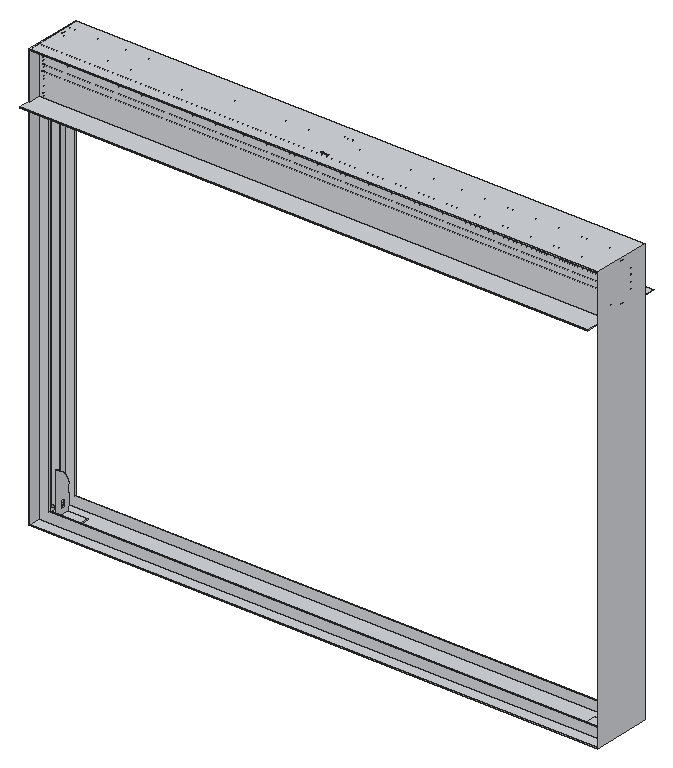
Revit family "FDD-B", category Mechanical Equipment, Revit 2015
Parameters
  URL = "http://unitedenertech.com/catalog/pdf/A-11%20%20FDD-B.pdf"
  Type Comments = "Max. Sizes are (Vertical 72\"w x 32\"h) (Horizontal 36\"w x 32\"h)"
  Model = "FDD-B"
  Manufacturer = "United Enertech Corporation"
  Keynote = "Vertical Mount Shown, Consult Factory for Horizontal Mount Models."
  Exact Width = 3' - 0"
  EFL Height [instance] = Blade Pair Number * 0' 0 13/32" + 0' 0 41/64"  # 0' - 3 31/64"
  Description = "Curtain Fire Damper for use in Dynamic or Static Systems"
  Depth = 0' - 3 11/16"
  Damper Height = 2' - 0"
  Blade Width [instance] = Exact Width - 0' 0 1/8"  # 2' - 11 7/8"
  Blade Pair Number [instance] = (Damper Height + (if(Damper Height < 1' 8 1/4", 0' 2", if(Damper Height < 2' 8 1/4", 0' 3", if(Damper Height < 3' 6 1/4", 0' 4", if(Damper Height < 4' 7 1/4", 0' 5", if(Damper Height < 5' 4 1/4", 0' 3", if(Damper Height < 7' 0 1/4", 0' 4", if(Damper Height < 9' 7 1/4", 0' 5", 0' 5"))))))))) / 0' 3 7/8"  # 7
  "B" [instance] = if(Damper Height < 1' 9 1/4", 0' 2", if(Damper Height < 2' 8 1/4", 0' 3", 0' 3"))  # 0' - 3"
Reference planes (in)
  plane 1 "Center (Front/Back)": y = 0
  plane 2: z = 0
  plane 3 "Center (Left/Right)": x = 0
  plane 4: x = -18
  plane 5: x = 18
  plane 6: y = 1.84375
  plane 7: y = -1.84375
  plane 8: z = 24
  plane 9: z = 27
  plane 10: y = 1.09375
  plane 11: y = -1.09375
  plane 12: y = 0.96875
  plane 13: y = -0.96875
  plane 14: z = 0.0359
  plane 15: z = 26.9641
  plane 16: x = -17.9641
  plane 17: x = 17.9641
  plane 18: x = -17.375
  plane 19: x = 17.375
  plane 20: z = 26.375
  plane 21: z = 0.625
  plane 22: z = 23.47973
  plane 23: x = 0.25
  plane 24: x = -0.25
  plane 25: z = 23.60473
  plane 26: y = 2.59375
  plane 27: y = -2.59375
Forms (in)
  Extrusion 1, solid
    sketch origin (0, 0, 0) x (1, 0, 0) y (0, 0, 1)
      loop
        line (-17.9641, 26.9641) -> (-17.9641, 0.0359) -> (17.9641, 0.0359) -> (17.9641, 26.9641) -> (-17.9641, 26.9641)
      loop
        line (-18, 27) -> (-18, 0) -> (18, 0) -> (18, 27) -> (-18, 27)
    from -1.84375 to 1.84375
  Extrusion 2, solid
    sketch origin (0, 0, 0) x (1, 0, 0) y (0, 0, 1)
      loop
        line (-17.375, 26.375) -> (-17.375, 0.625) -> (17.375, 0.625) -> (17.375, 26.375) -> (-17.375, 26.375)
      loop
        line (-17.9641, 26.9641) -> (-17.9641, 0.0359) -> (17.9641, 0.0359) -> (17.9641, 26.9641) -> (-17.9641, 26.9641)
    from -1.09375 to -0.96875
  Extrusion 3, solid
    sketch origin (0, 0, 0) x (1, 0, 0) y (0, 0, 1)
      loop
        line (-17.375, 26.375) -> (-17.375, 0.625) -> (17.375, 0.625) -> (17.375, 26.375) -> (-17.375, 26.375)
      loop
        line (-17.9641, 26.9641) -> (-17.9641, 0.0359) -> (17.9641, 0.0359) -> (17.9641, 26.9641) -> (-17.9641, 26.9641)
    from 0.96875 to 1.09375
  Extrusion 4, solid
    sketch origin (0, 0, 0) x (0, 1, 0) y (0, 0, 1)
      loop
        line (0.96875, 27) -> (0.93285, 27) -> (0.93285, 23.47973) -> (1.38285, 23.47973) -> (1.38285, 23.76098) -> (1.34695, 23.76098) -> (1.34695, 23.51563) -> (0.96875, 23.51563) -> (0.96875, 27)
    from -0.25 to 0.25
  Extrusion 5, solid
    sketch origin (0, 0, 0) x (0, -1, 0) y (0, 0, -1)
      loop
        line (0.96875, -27) -> (0.96875, -23.51563) -> (1.34695, -23.51563) -> (1.34695, -23.76098) -> (1.38285, -23.76098) -> (1.38285, -23.47973) -> (0.93285, -23.47973) -> (0.93285, -27) -> (0.96875, -27)
    from -0.25 to 0.25
  Extrusion 6, solid
    sketch origin (0, 0, 0) x (0, 1, 0) y (0, 0, 1)
      loop
        line (1.09375, 26.9641) -> (1.09375, 24) -> (2.59375, 24) -> (2.59375, 24.0359) -> (1.12965, 24.0359) -> (1.12965, 26.9641) -> (1.09375, 26.9641)
    from -17.9641 to 17.9641
  Extrusion 7, solid
    sketch origin (0, 0, 0) x (0, -1, 0) y (0, 0, -1)
      loop
        line (1.09375, -26.9641) -> (1.12965, -26.9641) -> (1.12965, -24.0359) -> (2.59375, -24.0359) -> (2.59375, -24) -> (1.09375, -24) -> (1.09375, -26.9641)
    from -17.9641 to 17.9641
  Extrusion 8, solid
    sketch origin (0, 0, 0) x (0, 1, 0) y (0, 0, 1)
      loop
        line (-0.18817, 0.46965) -> (-0.15227, 0.46965) -> (-0.15227, 23.60473) -> (-0.18817, 23.60473) -> (-0.18817, 0.46965)
    from 17.375 to 17.9641
  Extrusion 9, solid
    sketch origin (0, 0, 0) x (0, 1, 0) y (0, 0, 1)
      loop
        line (-0.18817, 0.46965) -> (-0.15227, 0.46965) -> (-0.15227, 23.60473) -> (-0.18817, 23.60473) -> (-0.18817, 0.46965)
    from -17.9641 to -17.375
  Extrusion 10, solid
    sketch origin (0, 0, 0) x (0, 1, 0) y (0, 0, 1)
      loop
        line (-0.18817, 23.60473) -> (-0.15227, 23.60473)
        arc (-0.15227, 23.60473) -> (-0.09849, 23.92053) -> (0.06331, 24.19703) r 0.89282
        line (0.06331, 24.19703) -> (0.0378, 24.22253)
        arc (0.0378, 24.22253) -> (-0.13046, 23.93385) -> (-0.18817, 23.60473) r 0.94852
    from 17.375 to 17.9641
  Extrusion 11, solid
    sketch origin (0, 0, 0) x (0, 1, 0) y (0, 0, 1)
      loop
        line (-0.18817, 23.60473) -> (-0.15227, 23.60473)
        arc (-0.15227, 23.60473) -> (-0.09849, 23.92053) -> (0.06331, 24.19703) r 0.89282
        line (0.06331, 24.19703) -> (0.0378, 24.22253)
        arc (0.0378, 24.22253) -> (-0.13046, 23.93385) -> (-0.18817, 23.60473) r 0.94852
    from -17.9641 to -17.375
Dimensions and locks (in)
  equal spacing: plane 4, plane 3 "Center (Left/Right)", plane 5
  "Exact Width": plane 4 to plane 5
  equal spacing: plane 6, plane 1 "Center (Front/Back)", plane 7
  "Depth": plane 6 to plane 7
  "Damper Height": plane 8 to level
  ""B"": plane 9 to plane 8
  plane 11 to plane 10 = 0' - 2 3/16"
  locked: plane 11 to plane 13 at 0.125
  locked: plane 12 to plane 10 at 0.125
  plane 9 to level = 2' - 3"
  locked: plane 4 to plane 16 at 0.0359
  locked: plane 17 to plane 5 at 0.0359
  locked: plane 9 to plane 15 at 0.0359
  locked: plane 14 to level at 0.0359
  locked: plane 4 to plane 18 at 0.625
  locked: plane 5 to plane 19 at 0.625
  locked: plane 9 to plane 20 at 0.625
  locked: plane 21 to level at 0.625
  equal spacing: group 1, group 2, group 3, group 4, group 5, group 6, group 7  (x2)
  equal spacing: group 7, group 6, group 5, group 4, group 3, group 2, group 1
  locked: nested 1 to nested 2 at 0.40625
  "EFL Height": plane 15 to plane 22
  locked: plane 22 to plane 25 at 0.125
  locked: plane 26 to plane 6 at 0.75
  locked: plane 7 to plane 27 at 0.75
  aligned and locked: level to plane 2
  aligned and locked: level to Extrusion 1 sketch curve
  aligned and locked: Extrusion 1 sketch curve to plane 4
  aligned and locked: Extrusion 1 sketch curve to plane 9
  aligned and locked: Extrusion 1 sketch curve to plane 5
  aligned and locked: plane 14 to Extrusion 1 sketch curve
  aligned and locked: Extrusion 1 sketch curve to plane 15
  aligned and locked: plane 17 to Extrusion 1 sketch curve
  aligned and locked: plane 16 to Extrusion 1 sketch curve
  aligned and locked: plane 6 to Extrusion 1
  aligned and locked: Extrusion 1 to plane 7
  aligned and locked: plane 14 to Extrusion 2 sketch curve
  aligned and locked: plane 16 to Extrusion 2 sketch curve
  aligned and locked: plane 17 to Extrusion 2 sketch curve
  aligned and locked: Extrusion 2 sketch curve to plane 15
  aligned and locked: Extrusion 2 sketch curve to plane 20
  aligned and locked: Extrusion 2 sketch curve to plane 19
  aligned and locked: Extrusion 2 sketch curve to plane 18
  aligned and locked: plane 21 to Extrusion 2 sketch curve
  aligned and locked: Extrusion 2 to plane 10
  aligned and locked: plane 12 to Extrusion 2
  aligned and locked: Extrusion 3 to plane 13
  aligned and locked: plane 11 to Extrusion 3
  aligned and locked: plane 3 "Center (Left/Right)" to nested 1
  aligned and locked: plane 15 to nested 1
  aligned and locked: Extrusion 4 to plane 24
  aligned and locked: Extrusion 4 to plane 23
  aligned and locked: plane 25 to nested 5
  aligned and locked: Extrusion 6 to plane 17
  aligned and locked: Extrusion 7 to plane 17
  aligned and locked: Extrusion 7 to plane 16
  aligned and locked: Extrusion 6 to plane 16
  aligned and locked: nested 6 to plane 16
  aligned and locked: plane 17 to nested 7
  aligned and locked: Extrusion 9 to plane 16
  aligned and locked: Extrusion 9 to plane 18
  aligned and locked: Extrusion 8 to plane 17
  aligned and locked: Extrusion 8 to plane 19
  aligned and locked: plane 25 to Extrusion 10 sketch curve
  aligned and locked: Extrusion 11 to plane 16
  aligned and locked: Extrusion 11 to plane 18
  aligned and locked: Extrusion 10 to plane 17
  aligned and locked: Extrusion 10 to plane 19
Automatic sketch dimensions
  Extrusion 3 sketch curve to plane 14 = 0' - 0"
  Extrusion 3 sketch curve to plane 16 = 0' - 0"
  plane 18 to Extrusion 3 sketch curve = 0' - 0"
  Extrusion 3 sketch curve to plane 19 = 0' - 0"
  plane 17 to Extrusion 3 sketch curve = 0' - 0"
  Extrusion 3 sketch curve to plane 21 = 0' - 0"
  Extrusion 3 sketch curve to plane 20 = 0' - 0"
  Extrusion 3 sketch curve to plane 15 = 0' - 0"
  Extrusion 4 sketch curve to plane 9 = 0' - 0"
  Extrusion 4 sketch curve to plane 22 = 0' - 0"
  Extrusion 4 sketch curve to plane 12 = 0' - 0"
  plane 12 to Extrusion 4 sketch curve = 0' - 0.0359"
  Extrusion 4 sketch curve to plane 10 = 0' - 0.2532"
  Extrusion 4 sketch curve to Extrusion 4 sketch curve = 0' - 0.0359"
  plane 22 to Extrusion 4 sketch curve = 0' - 0.0359"
  Extrusion 4 sketch curve to plane 25 = 0' - 0 5/32"
  Extrusion 5 sketch curve to plane 9 = 0' - 0"
  Extrusion 5 sketch curve to plane 22 = 0' - 0"
  Extrusion 5 sketch curve to plane 13 = 0' - 0"
  plane 13 to Extrusion 5 sketch curve = 0' - 0.0359"
  Extrusion 5 sketch curve to plane 11 = 0' - 0.2532"
  Extrusion 5 sketch curve to Extrusion 5 sketch curve = 0' - 0.0359"
  Extrusion 5 sketch curve to plane 22 = 0' - 0.0359"
  plane 25 to Extrusion 5 sketch curve = 0' - 0 5/32"
  Extrusion 6 sketch curve to plane 8 = 0' - 0"
  Extrusion 6 sketch curve to plane 10 = 0' - 0"
  Extrusion 6 sketch curve to plane 15 = 0' - 0"
  Extrusion 6 sketch curve to plane 26 = 0' - 0"
  Extrusion 6 sketch curve to Extrusion 6 sketch curve = 0' - 0.0359"
  plane 8 to Extrusion 6 sketch curve = 0' - 0.0359"
  Extrusion 7 sketch curve to plane 8 = 0' - 0"
  Extrusion 7 sketch curve to plane 11 = 0' - 0"
  Extrusion 7 sketch curve to plane 15 = 0' - 0"
  Extrusion 7 sketch curve to plane 27 = 0' - 0"
  Extrusion 7 sketch curve to Extrusion 7 sketch curve = 0' - 0.0359"  (x2)
  plane 25 to Extrusion 8 sketch curve = 0' - 0"
  plane 1 "Center (Front/Back)" to Extrusion 8 sketch curve = 0' - 0.18817"
  Extrusion 8 sketch curve to Extrusion 8 sketch curve = 0' - 0.0359"
  Extrusion 8 sketch curve to plane 21 = 0' - 0.15535"
  plane 25 to Extrusion 9 sketch curve = 0' - 0"
  plane 1 "Center (Front/Back)" to Extrusion 9 sketch curve = 0' - 0.18817"
  Extrusion 9 sketch curve to Extrusion 9 sketch curve = 0' - 0.0359"
  Extrusion 9 sketch curve to plane 21 = 0' - 0.15535"
  plane 1 "Center (Front/Back)" to Extrusion 10 sketch curve = 0' - 0.18817"
  Extrusion 10 sketch curve to Extrusion 10 sketch curve = 0' - 0.0359"
  Extrusion 10 sketch curve to plane 1 "Center (Front/Back)" = 0' - 0.0378"
  Extrusion 10 sketch curve to Extrusion 10 sketch curve = 0' - 0.0255"
  Extrusion 10 sketch curve to plane 25 = 0' - 0.01045"
  plane 12 to Extrusion 10 sketch curve = 0' - 0.22826"
  Extrusion 10 sketch curve to plane 25 = 0' - 0.00329"
  Extrusion 10 sketch curve to Extrusion 10 sketch curve = 0' - 0.01985"
  plane 25 to Extrusion 11 sketch curve = 0' - 0"
  plane 1 "Center (Front/Back)" to Extrusion 11 sketch curve = 0' - 0.18817"
  Extrusion 11 sketch curve to Extrusion 11 sketch curve = 0' - 0.0359"
  Extrusion 11 sketch curve to plane 1 "Center (Front/Back)" = 0' - 0.0378"
  Extrusion 11 sketch curve to Extrusion 11 sketch curve = 0' - 0.0255"
  Extrusion 11 sketch curve to plane 25 = 0' - 0.01045"
  plane 12 to Extrusion 11 sketch curve = 0' - 0.22826"
  Extrusion 11 sketch curve to plane 25 = 0' - 0.00329"
  Extrusion 11 sketch curve to Extrusion 11 sketch curve = 0' - 0.01985"
Nested families (in)
  nested 1: "FD-SALB BLADESEDITED" at (0, 1.1689, 26.12138), type "FD-SALB BLADESEDITED"
    with Blade Width 3' - 0"
  nested 2: "FD-SALB BLADESEDITED" at (0, 1.1689, 25.71513), type "FD-SALB BLADESEDITED"
    with Blade Width 3' - 0"
  nested 3: "FD-SALB BLADESEDITED" at (0, 1.1689, 25.30888), type "FD-SALB BLADESEDITED"
    with Blade Width 3' - 0"
  nested 4: "FD-SALB BLADESEDITED" at (0, 1.1689, 24.90263), type "FD-SALB BLADESEDITED"
    with Blade Width 3' - 0"
  nested 5: "EFL" at (4.62017, 3.53398, 23.60473), type "EFL"
  nested 6: "Fire Damper Spring" at (-17.41019, -4.48368, -2.82915) x (0, 1, 0) z (0, 0, 1), type "Fire Damper Spring"
  nested 7: "Fire Damper Spring" at (17.41019, -4.48368, -2.82915) x (0, 1, 0) z (0, 0, 1), type "Fire Damper Spring"
  nested 8: "FD-SALB BLADESEDITED" at (0, 1.1689, 24.49638), type "FD-SALB BLADESEDITED"
    with Blade Width 3' - 0"
  nested 9: "FD-SALB BLADESEDITED" at (0, 1.1689, 24.09013), type "FD-SALB BLADESEDITED"
    with Blade Width 3' - 0"
  nested 10: "FD-SALB BLADESEDITED" at (0, 1.1689, 23.68388), type "FD-SALB BLADESEDITED"
    with Blade Width 3' - 0"
Definition of nested family "FD-SALB BLADESEDITED"
  Parameters (values of type "FD-SALB BLADESEDITED")
    Blade Width = 1' - 11 7/8"
  Reference planes (in)
    plane 1 "Center (Front/Back)": y = 0
    plane 2: z = 0
    plane 3 "Center (Left/Right)": x = 0
    plane 4: x = -11.9375
    plane 5: x = 11.9375
  Forms (in)
    Extrusion 1, solid
      sketch origin (0, 0, 0) x (0, 1, 0) y (0, 0, 1)
        loop
          line (-0.31672, 0.53073) -> (-0.3446, 0.62657)
          arc (-0.3446, 0.62657) -> (-0.33726, 0.6415) -> (-0.32269, 0.63348) r 0.0115
          line (-0.32269, 0.63348) -> (-0.30545, 0.53536)
          arc (-0.30545, 0.53536) -> (-0.31611, 0.49773) -> (-0.35217, 0.48264) r 0.045
          line (-0.35217, 0.48264) -> (-0.39872, 0.48554)
          arc (-0.39872, 0.48554) -> (-0.42675, 0.49692) -> (-0.44125, 0.52348) r 0.045
          line (-0.44125, 0.52348) -> (-0.47071, 0.66865)
          arc (-0.47071, 0.66865) -> (-0.48965, 0.70349) -> (-0.5262, 0.7189) r 0.06
          line (-0.5262, 0.7189) -> (-1.55698, 0.78305) -> (-1.76244, 0.79584)
          arc (-1.76244, 0.79584) -> (-1.79846, 0.78683) -> (-1.82228, 0.75836) r 0.06
          line (-1.82228, 0.75836) -> (-1.88016, 0.61423)
          arc (-1.88016, 0.61423) -> (-1.90974, 0.57877) -> (-1.95445, 0.56733) r 0.075
          arc (-1.95445, 0.56733) -> (-2.03902, 0.60869) -> (-2.06957, 0.69773) r 0.123
          line (-2.06957, 0.69773) -> (-2.06418, 0.78456)
          arc (-2.06418, 0.78456) -> (-2.05371, 0.80551) -> (-2.03138, 0.81256) r 0.03
          line (-2.03138, 0.81256) -> (-1.90763, 0.80489) -> (-1.90763, 0.8362) -> (-2.01284, 0.84272) -> (-2.04641, 0.84272)
          arc (-2.04641, 0.84272) -> (-2.08042, 0.82292) -> (-2.09536, 0.7865) r 0.06125
          line (-2.09536, 0.7865) -> (-2.10077, 0.69966)
          arc (-2.10077, 0.69966) -> (-2.06244, 0.58801) -> (-1.95639, 0.53614) r 0.15425
          arc (-1.95639, 0.53614) -> (-1.89306, 0.55235) -> (-1.8512, 0.60257) r 0.10625
          line (-1.8512, 0.60257) -> (-1.7933, 0.74674)
          arc (-1.7933, 0.74674) -> (-1.78183, 0.76038) -> (-1.76452, 0.76466) r 0.02875
          line (-1.76452, 0.76466) -> (-1.55892, 0.75186) -> (-0.52813, 0.68773)
          arc (-0.52813, 0.68773) -> (-0.51045, 0.68016) -> (-0.50148, 0.66314) r 0.02875
          line (-0.50148, 0.66314) -> (-0.47199, 0.51784)
          arc (-0.47199, 0.51784) -> (-0.4474, 0.47346) -> (-0.4004, 0.45434) r 0.07625
          line (-0.4004, 0.45434) -> (-0.35398, 0.45144)
          arc (-0.35398, 0.45144) -> (-0.29278, 0.47694) -> (-0.27468, 0.54073) r 0.07625
          line (-0.27468, 0.54073) -> (-0.29191, 0.63889)
          arc (-0.29191, 0.63889) -> (-0.33988, 0.67434) -> (-0.37768, 0.6282) r 0.04327
          line (-0.37768, 0.6282) -> (-0.34677, 0.52199) -> (-0.31672, 0.53073)
      from -11.9375 to 11.9375
    Extrusion 2, solid
      sketch origin (0, 0, 0) x (0, 1, 0) y (0, 0, 1)
        loop
          arc (-0.31635, 0.67497) -> (-0.29361, 0.66856) -> (-0.28256, 0.64768) r 0.03
          line (-0.28256, 0.64768) -> (-0.2714, 0.56286)
          arc (-0.2714, 0.56286) -> (-0.29582, 0.47194) -> (-0.37737, 0.42491) r 0.123
          arc (-0.37737, 0.42491) -> (-0.42275, 0.43328) -> (-0.45469, 0.46664) r 0.075
          line (-0.45469, 0.46664) -> (-0.52225, 0.60648)
          arc (-0.52225, 0.60648) -> (-0.54755, 0.63305) -> (-0.58358, 0.63992) r 0.06
          line (-0.58358, 0.63992) -> (-0.78858, 0.61304) -> (-1.81262, 0.47877)
          arc (-1.81262, 0.47877) -> (-1.84723, 0.46173) -> (-1.86432, 0.42714) r 0.06
          line (-1.86432, 0.42714) -> (-1.88437, 0.27537)
          arc (-1.88437, 0.27537) -> (-1.89734, 0.2499) -> (-1.92301, 0.23735) r 0.045
          line (-1.92301, 0.23735) -> (-1.96868, 0.2314)
          arc (-1.96868, 0.2314) -> (-2.00696, 0.24361) -> (-2.02023, 0.28153) r 0.045
          line (-2.02023, 0.28153) -> (-2.00995, 0.379)
          arc (-2.00995, 0.379) -> (-1.99657, 0.38882) -> (-1.98728, 0.37505) r 0.0115
          line (-1.98728, 0.37505) -> (-2.00879, 0.27676) -> (-1.97772, 0.26996) -> (-1.95543, 0.37179)
          arc (-1.95543, 0.37179) -> (-1.99381, 0.41919) -> (-2.04121, 0.38081) r 0.04313
          line (-2.04121, 0.38081) -> (-2.05127, 0.28509)
          arc (-2.05127, 0.28509) -> (-2.02877, 0.22122) -> (-1.96431, 0.20045) r 0.07625
          line (-1.96431, 0.20045) -> (-1.91897, 0.20638)
          arc (-1.91897, 0.20638) -> (-1.87533, 0.22771) -> (-1.85342, 0.27106) r 0.07625
          line (-1.85342, 0.27106) -> (-1.83333, 0.42305)
          arc (-1.83333, 0.42305) -> (-1.82514, 0.43962) -> (-1.80853, 0.44779) r 0.02875
          line (-1.80853, 0.44779) -> (-0.78452, 0.58205) -> (-0.57967, 0.60892)
          arc (-0.57967, 0.60892) -> (-0.56246, 0.60559) -> (-0.55039, 0.5929) r 0.02875
          line (-0.55039, 0.5929) -> (-0.48278, 0.45303)
          arc (-0.48278, 0.45303) -> (-0.4376, 0.40578) -> (-0.37331, 0.39393) r 0.10625
          arc (-0.37331, 0.39393) -> (-0.27103, 0.4529) -> (-0.24041, 0.56695) r 0.15425
          line (-0.24041, 0.56695) -> (-0.2515, 0.65113)
          arc (-0.2515, 0.65113) -> (-0.27433, 0.69316) -> (-0.32041, 0.70596) r 0.06125
          line (-0.32041, 0.70596) -> (-0.44437, 0.68971) -> (-0.44031, 0.65872) -> (-0.31635, 0.67497)
      from -11.9375 to 11.9375
  Dimensions and locks (in)
    equal spacing: plane 4, plane 3 "Center (Left/Right)", plane 5
    "Blade Width": plane 4 to plane 5
    aligned and locked: level to plane 2
    aligned and locked: plane 4 to Extrusion 1
    aligned and locked: plane 4 to Extrusion 2
    aligned and locked: plane 5 to Extrusion 1
    aligned and locked: plane 5 to Extrusion 2
  Automatic sketch dimensions
    Extrusion 2 sketch curve to Extrusion 2 sketch curve = 0' - 0"  (x35)
    level to Extrusion 2 sketch curve = 0' - 0.28509"
    plane 1 "Center (Front/Back)" to Extrusion 2 sketch curve = 0' - 2.05127"
    level to Extrusion 2 sketch curve = 0' - 0.38081"
    Extrusion 2 sketch curve to Extrusion 2 sketch curve = 0' - 0.01006"
    level to Extrusion 2 sketch curve = 0' - 0.28153"
    Extrusion 2 sketch curve to Extrusion 2 sketch curve = 0' - 0.03105"
    level to Extrusion 2 sketch curve = 0' - 0.27676"
    Extrusion 2 sketch curve to Extrusion 2 sketch curve = 0' - 0.01143"  (x2)
    Extrusion 2 sketch curve to Extrusion 2 sketch curve = 0' - 0.04266"
    Extrusion 2 sketch curve to Extrusion 2 sketch curve = 0' - 0.00023"
    level to Extrusion 2 sketch curve = 0' - 0.26996"
    Extrusion 2 sketch curve to Extrusion 2 sketch curve = 0' - 0.03107"
    Extrusion 2 sketch curve to Extrusion 2 sketch curve = 0' - 0.00213"
    level to Extrusion 2 sketch curve = 0' - 0.2314"
    Extrusion 2 sketch curve to Extrusion 2 sketch curve = 0' - 0.00904"
    level to Extrusion 2 sketch curve = 0' - 0.20045"
    level to Extrusion 2 sketch curve = 0' - 0.37179"
    Extrusion 2 sketch curve to Extrusion 2 sketch curve = 0' - 0.0467"
    level to Extrusion 2 sketch curve = 0' - 0.27537"
    Extrusion 2 sketch curve to Extrusion 2 sketch curve = 0' - 0.04451"
    level to Extrusion 2 sketch curve = 0' - 0.27106"
    Extrusion 2 sketch curve to Extrusion 2 sketch curve = 0' - 0.03095"
    Extrusion 2 sketch curve to Extrusion 2 sketch curve = 0' - 0.0486"
    plane 1 "Center (Front/Back)" to Extrusion 2 sketch curve = 0' - 0.78452"
    Extrusion 2 sketch curve to Extrusion 2 sketch curve = 0' - 0.20094"
    Extrusion 2 sketch curve to Extrusion 2 sketch curve = 0' - 0 1/256"  (x2)
    Extrusion 2 sketch curve to Extrusion 2 sketch curve = 0' - 0.0034"
    Extrusion 2 sketch curve to Extrusion 2 sketch curve = 0' - 0.13921"
    Extrusion 2 sketch curve to Extrusion 2 sketch curve = 0' - 0.00406"  (x3)
    Extrusion 2 sketch curve to Extrusion 2 sketch curve = 0' - 0.04695"
    Extrusion 2 sketch curve to Extrusion 2 sketch curve = 0' - 0.00624"
    Extrusion 2 sketch curve to Extrusion 2 sketch curve = 0' - 0.0809"
    Extrusion 2 sketch curve to Extrusion 2 sketch curve = 0' - 0.0299"
    Extrusion 2 sketch curve to Extrusion 2 sketch curve = 0' - 0.03106"
    Extrusion 2 sketch curve to Extrusion 2 sketch curve = 0' - 0.00661"
    Extrusion 2 sketch curve to Extrusion 2 sketch curve = 0' - 0.00119"
    Extrusion 2 sketch curve to Extrusion 2 sketch curve = 0' - 0.14822"
    level to Extrusion 2 sketch curve = 0' - 0.49927"
    Extrusion 2 sketch curve to Extrusion 2 sketch curve = 0' - 0.04759"
    Extrusion 2 sketch curve to Extrusion 2 sketch curve = 0' - 0.0335"
    Extrusion 2 sketch curve to Extrusion 2 sketch curve = 0' - 0.00168"
    Extrusion 2 sketch curve to Extrusion 2 sketch curve = 0' - 0.02855"
    Extrusion 2 sketch curve to Extrusion 2 sketch curve = 0' - 0.031"
    Extrusion 2 sketch curve to Extrusion 2 sketch curve = 0' - 0.09835"
    Extrusion 2 sketch curve to Extrusion 2 sketch curve = 0' - 0.00246"
    Extrusion 2 sketch curve to Extrusion 2 sketch curve = 0' - 0.00345"
    Extrusion 2 sketch curve to Extrusion 2 sketch curve = 0' - 0.11186"
    Extrusion 2 sketch curve to Extrusion 2 sketch curve = 0' - 0.03098"  (x3)
    level to Extrusion 2 sketch curve = 0' - 0.37898"
    Extrusion 2 sketch curve to Extrusion 2 sketch curve = 0' - 0.00003"  (x4)
    Extrusion 2 sketch curve to Extrusion 2 sketch curve = 0' - 0.01101"
    level to Extrusion 2 sketch curve = 0' - 0.37505"
    Extrusion 2 sketch curve to Extrusion 2 sketch curve = 0' - 0.00585"
    level to Extrusion 2 sketch curve = 0' - 0.23735"
    Extrusion 2 sketch curve to Extrusion 2 sketch curve = 0' - 0.00404"
    level to Extrusion 2 sketch curve = 0' - 0.20636"
    level to Extrusion 2 sketch curve = 0' - 0.42714"
    Extrusion 2 sketch curve to Extrusion 2 sketch curve = 0' - 0.0595"
    level to Extrusion 2 sketch curve = 0' - 0.42305"
    Extrusion 2 sketch curve to Extrusion 2 sketch curve = 0' - 0.02852"
    Extrusion 2 sketch curve to Extrusion 2 sketch curve = 0' - 0.0207"
    level to Extrusion 2 sketch curve = 0' - 0.47878"
    Extrusion 2 sketch curve to Extrusion 2 sketch curve = 0' - 0.00374"
    level to Extrusion 2 sketch curve = 0' - 0.44779"
    Extrusion 2 sketch curve to Extrusion 2 sketch curve = 0' - 0.02588"
    Extrusion 2 sketch curve to Extrusion 2 sketch curve = 0' - 0.02814"
    Extrusion 2 sketch curve to Extrusion 2 sketch curve = 0' - 0.0957"
    Extrusion 2 sketch curve to Extrusion 2 sketch curve = 0' - 0.00004"  (x2)
    Extrusion 2 sketch curve to Extrusion 2 sketch curve = 0' - 0.02809"
    Extrusion 2 sketch curve to Extrusion 2 sketch curve = 0' - 0.00975"
    Extrusion 2 sketch curve to Extrusion 2 sketch curve = 0' - 0.00796"
    Extrusion 2 sketch curve to Extrusion 2 sketch curve = 0' - 0.01116"
    Extrusion 2 sketch curve to Extrusion 2 sketch curve = 0' - 0.00002"
    Extrusion 1 sketch curve to Extrusion 1 sketch curve = 0' - 0"  (x30)
    level to Extrusion 1 sketch curve = 0' - 0.7827"
    plane 1 "Center (Front/Back)" to Extrusion 1 sketch curve = 0' - 2.03423"
    Extrusion 1 sketch curve to Extrusion 1 sketch curve = 0' - 0.00284"
    Extrusion 1 sketch curve to Extrusion 1 sketch curve = 0' - 0.01854"
    Extrusion 1 sketch curve to Extrusion 1 sketch curve = 0' - 0.08443"
    Extrusion 1 sketch curve to Extrusion 1 sketch curve = 0' - 0.00298"
    Extrusion 1 sketch curve to Extrusion 1 sketch curve = 0' - 0.03918"
    Extrusion 1 sketch curve to Extrusion 1 sketch curve = 0' - 0.14102"
    level to Extrusion 1 sketch curve = 0' - 0.76466"
    Extrusion 1 sketch curve to Extrusion 1 sketch curve = 0' - 0.00209"
    level to Extrusion 1 sketch curve = 0' - 0.79584"
    Extrusion 1 sketch curve to Extrusion 1 sketch curve = 0' - 0.00208"  (x2)
    level to Extrusion 1 sketch curve = 0' - 0.75186"
    Extrusion 1 sketch curve to Extrusion 1 sketch curve = 0' - 0.2056"
    Extrusion 1 sketch curve to Extrusion 1 sketch curve = 0' - 0.00194"  (x2)
    plane 1 "Center (Front/Back)" to Extrusion 1 sketch curve = 0' - 0.52993"
    Extrusion 1 sketch curve to Extrusion 1 sketch curve = 0' - 0.02845"
    Extrusion 1 sketch curve to Extrusion 1 sketch curve = 0' - 0.02949"
    Extrusion 1 sketch curve to Extrusion 1 sketch curve = 0' - 0.03077"  (x2)
    Extrusion 1 sketch curve to Extrusion 1 sketch curve = 0' - 0.03074"
    Extrusion 1 sketch curve to Extrusion 1 sketch curve = 0' - 0.04085"
    Extrusion 1 sketch curve to Extrusion 1 sketch curve = 0' - 0.00168"
    Extrusion 1 sketch curve to Extrusion 1 sketch curve = 0' - 0.04445"
    Extrusion 1 sketch curve to Extrusion 1 sketch curve = 0' - 0.01912"
    Extrusion 1 sketch curve to Extrusion 1 sketch curve = 0' - 0.04641"
    Extrusion 1 sketch curve to Extrusion 1 sketch curve = 0' - 0.00182"
    Extrusion 1 sketch curve to Extrusion 1 sketch curve = 0' - 0.00238"
    Extrusion 1 sketch curve to Extrusion 1 sketch curve = 0' - 0.00302"
    Extrusion 1 sketch curve to Extrusion 1 sketch curve = 0' - 0.03307"
    Extrusion 1 sketch curve to Extrusion 1 sketch curve = 0' - 0.01008"
    Extrusion 1 sketch curve to Extrusion 1 sketch curve = 0' - 0.00072"
    Extrusion 1 sketch curve to Extrusion 1 sketch curve = 0' - 0.01112"
    Extrusion 1 sketch curve to Extrusion 1 sketch curve = 0' - 0.03006"
    Extrusion 1 sketch curve to Extrusion 1 sketch curve = 0' - 0.03078"
    Extrusion 1 sketch curve to Extrusion 1 sketch curve = 0' - 0.02867"
    Extrusion 1 sketch curve to Extrusion 1 sketch curve = 0' - 0.09261"
    level to Extrusion 1 sketch curve = 0' - 0.66865"
    Extrusion 1 sketch curve to Extrusion 1 sketch curve = 0' - 0.00551"
    Extrusion 1 sketch curve to Extrusion 1 sketch curve = 0' - 0.00412"
    Extrusion 1 sketch curve to Extrusion 1 sketch curve = 0' - 0.04791"
    Extrusion 1 sketch curve to Extrusion 1 sketch curve = 0' - 0.02976"
    Extrusion 1 sketch curve to Extrusion 1 sketch curve = 0' - 0.00541"
    Extrusion 1 sketch curve to Extrusion 1 sketch curve = 0' - 0.00087"
    Extrusion 1 sketch curve to Extrusion 1 sketch curve = 0' - 0.00852"
    Extrusion 1 sketch curve to Extrusion 1 sketch curve = 0' - 0.00559"
    Extrusion 1 sketch curve to Extrusion 1 sketch curve = 0' - 0.00702"
    Extrusion 1 sketch curve to Extrusion 1 sketch curve = 0' - 0.00564"
    Extrusion 1 sketch curve to Extrusion 1 sketch curve = 0' - 0.03935"
    Extrusion 1 sketch curve to Extrusion 1 sketch curve = 0' - 0.0312"
    Extrusion 1 sketch curve to Extrusion 1 sketch curve = 0' - 0.03119"
    Extrusion 1 sketch curve to Extrusion 1 sketch curve = 0' - 0.1148"
    Extrusion 1 sketch curve to Extrusion 1 sketch curve = 0' - 0.03131"
    Extrusion 1 sketch curve to Extrusion 1 sketch curve = 0' - 0.02994"
    level to Extrusion 1 sketch curve = 0' - 0.78456"
    Extrusion 1 sketch curve to Extrusion 1 sketch curve = 0' - 0.00539"
    level to Extrusion 1 sketch curve = 0' - 0.69772"
    Extrusion 1 sketch curve to Extrusion 1 sketch curve = 0' - 0.03117"
    Extrusion 1 sketch curve to Extrusion 1 sketch curve = 0' - 0.03118"
    level to Extrusion 1 sketch curve = 0' - 0.69966"
    Extrusion 1 sketch curve to Extrusion 1 sketch curve = 0' - 0.03357"
    Extrusion 1 sketch curve to Extrusion 1 sketch curve = 0' - 0.0066"
    Extrusion 1 sketch curve to Extrusion 1 sketch curve = 0' - 0.06959"
    level to Extrusion 1 sketch curve = 0' - 0.61423"
    Extrusion 1 sketch curve to Extrusion 1 sketch curve = 0' - 0.00004"  (x2)
    Extrusion 1 sketch curve to Extrusion 1 sketch curve = 0' - 0.02896"
    level to Extrusion 1 sketch curve = 0' - 0.60259"
    level to Extrusion 1 sketch curve = 0' - 0.75838"
    Extrusion 1 sketch curve to Extrusion 1 sketch curve = 0' - 0.05778"
    level to Extrusion 1 sketch curve = 0' - 0.74674"
    Extrusion 1 sketch curve to Extrusion 1 sketch curve = 0' - 0.02669"
    Extrusion 1 sketch curve to Extrusion 1 sketch curve = 0' - 0.00179"
    Extrusion 1 sketch curve to Extrusion 1 sketch curve = 0' - 0.00193"
    Extrusion 1 sketch curve to Extrusion 1 sketch curve = 0' - 0.01125"
    Extrusion 1 sketch curve to Extrusion 1 sketch curve = 0' - 0.00003"
    Extrusion 1 sketch curve to Extrusion 1 sketch curve = 0' - 0.05622"
    Extrusion 1 sketch curve to Extrusion 1 sketch curve = 0' - 0.03016"
Definition of nested family "EFL"
  Reference planes (in)
    plane 1 "Center (Front/Back)": y = 0
    plane 2: z = 0
    plane 3 "Center (Left/Right)": x = 0
  Forms (in)
    Extrusion 1, solid
      sketch origin (0, 0, 0) x (1, 0, 0) y (0, 1, 0)
        loop
          arc (-4.87017, -4.05324) -> (-4.81525, -4.18582) -> (-4.68267, -4.24074) r 0.1875
          line (-4.68267, -4.24074) -> (-4.55767, -4.24074)
          arc (-4.55767, -4.24074) -> (-4.42508, -4.18582) -> (-4.37017, -4.05324) r 0.1875
          line (-4.37017, -4.05324) -> (-4.37017, -3.41574) -> (-4.87017, -3.41574) -> (-4.87017, -4.05324)
        loop
          circle (-4.62017, -4.05324) r 0.0625
      from 0.1 to 0.05
    Extrusion 2, solid
      sketch origin (-9.24033, -7.08147, 0) x (-1, 0, 0) y (0, -1, 0)
        loop
          arc (-4.87017, -4.05324) -> (-4.81525, -4.18582) -> (-4.68267, -4.24074) r 0.1875
          line (-4.68267, -4.24074) -> (-4.55767, -4.24074)
          arc (-4.55767, -4.24074) -> (-4.42508, -4.18582) -> (-4.37017, -4.05324) r 0.1875
          line (-4.37017, -4.05324) -> (-4.37017, -3.41574) -> (-4.87017, -3.41574) -> (-4.87017, -4.05324)
        loop
          circle (-4.62017, -4.05324) r 0.0625
      from 0 to 0.05
    Sweep 3, solid
      path in 3D
        loop
          line (-4.62017, -4.16421, 0) -> (-4.62017, -4.22608, 0)
          arc (-4.62017, -4.22608, 0) -> (-4.65678, -4.31447, 0) -> (-4.74517, -4.35108, 0) r 0.125
          line (-4.74517, -4.35108, 0) -> (-4.92568, -4.35108, 0)
          arc (-4.92568, -4.35108, 0) -> (-5.02859, -4.454, 0) -> (-4.92568, -4.55691, 0) r 0.10291
          line (-4.92568, -4.55691, 0) -> (-4.62017, -4.55691, 0) -> (-4.31465, -4.55691, 0)
          arc (-4.31465, -4.55691, 0) -> (-4.21174, -4.454, 0) -> (-4.31465, -4.35108, 0) r 0.10291
          line (-4.31465, -4.35108, 0) -> (-4.58427, -4.35108, 0)
      profile origin (-4.62017, -4.19515, 0) x (1, 0, 0) y (0, 0, 1)
        loop
          circle (0, 0) r 0.03202
    Sweep 4, solid
      path in 3D
        loop
          line (-4.62017, -4.283, 0.1526) -> (-4.62017, -4.12297, 0.1526)
          arc (-4.62017, -4.12297, 0.1526) -> (-4.62017, -4.04635, 0.07598) -> (-4.62017, -4.12297, -0.00063) r 0.07662
          line (-4.62017, -4.12297, -0.00063) -> (-4.62017, -4.16421, -0.00063)
      profile origin (-4.62017, -4.14359, -0.00063) x (0, 0, -1) y (1, 0, 0)
        loop
          circle (0, 0) r 0.03138
    Sweep 5, solid
      path in 3D
        loop
          line (-4.62017, -2.91726, 0) -> (-4.62017, -2.85539, 0)
          arc (-4.62017, -2.85539, 0) -> (-4.65678, -2.767, 0) -> (-4.74517, -2.73039, 0) r 0.125
          line (-4.74517, -2.73039, 0) -> (-4.92568, -2.73039, 0)
          arc (-4.92568, -2.73039, 0) -> (-5.02859, -2.62747, 0) -> (-4.92568, -2.52456, 0) r 0.10291
          line (-4.92568, -2.52456, 0) -> (-4.62017, -2.52456, 0) -> (-4.31465, -2.52456, 0)
          arc (-4.31465, -2.52456, 0) -> (-4.21174, -2.62747, 0) -> (-4.31465, -2.73039, 0) r 0.10291
          line (-4.31465, -2.73039, 0) -> (-4.58427, -2.73039, 0)
      profile origin (-4.62017, -2.88633, 0) x (-1, 0, 0) y (0, 0, 1)
        loop
          circle (0, 0) r 0.03202
    Sweep 6, solid
      path in 3D
        loop
          line (-4.62017, -2.79848, 0.1526) -> (-4.62017, -2.95851, 0.1526)
          arc (-4.62017, -2.95851, 0.1526) -> (-4.62017, -3.03512, 0.07598) -> (-4.62017, -2.95851, -0.00063) r 0.07662
          line (-4.62017, -2.95851, -0.00063) -> (-4.62017, -2.91726, -0.00063)
      profile origin (-4.62017, -2.93788, -0.00063) x (0, 0, 1) y (1, 0, 0)
        loop
          circle (0, 0) r 0.03138
  Lines and regions (in)
    sketch lines
      curve 1: line (-4.62017, -4.16421, 0) -> (-4.62017, -4.22608, 0)
      curve 2: arc (-4.74517, -4.35108, 0) -> (-4.65678, -4.31447, 0) -> (-4.62017, -4.22608, 0) r 0.125
      curve 3: line (-4.74517, -4.35108, 0) -> (-4.92568, -4.35108, 0)
      curve 4: arc (-4.92568, -4.35108, 0) -> (-5.02859, -4.454, 0) -> (-4.92568, -4.55691, 0) r 0.10291
      curve 5: line (-4.62017, -4.55691, 0) -> (-4.92568, -4.55691, 0)
      curve 6: line (-4.62017, -4.55691, 0) -> (-4.31465, -4.55691, 0)
      curve 7: arc (-4.31465, -4.55691, 0) -> (-4.21174, -4.454, 0) -> (-4.31465, -4.35108, 0) r 0.10291
      curve 8: line (-4.58427, -4.35108, 0) -> (-4.31465, -4.35108, 0)
      curve 9: line (-4.62017, -4.12297, -0.00063) -> (-4.62017, -4.16421, -0.00063)
      curve 10: arc (-4.62017, -4.12297, -0.00063) -> (-4.62017, -4.04635, 0.07598) -> (-4.62017, -4.12297, 0.1526) r 0.07662
      curve 11: line (-4.62017, -4.12297, 0.1526) -> (-4.62017, -4.283, 0.1526)
      curve 12: line (-4.62017, -2.91726, 0) -> (-4.62017, -2.85539, 0)
      curve 13: arc (-4.74517, -2.73039, 0) -> (-4.65678, -2.767, 0) -> (-4.62017, -2.85539, 0) r 0.125
      curve 14: line (-4.74517, -2.73039, 0) -> (-4.92568, -2.73039, 0)
      curve 15: arc (-4.92568, -2.73039, 0) -> (-5.02859, -2.62747, 0) -> (-4.92568, -2.52456, 0) r 0.10291
      curve 16: line (-4.62017, -2.52456, 0) -> (-4.92568, -2.52456, 0)
      curve 17: line (-4.62017, -2.52456, 0) -> (-4.31465, -2.52456, 0)
      curve 18: arc (-4.31465, -2.52456, 0) -> (-4.21174, -2.62747, 0) -> (-4.31465, -2.73039, 0) r 0.10291
      curve 19: line (-4.58427, -2.73039, 0) -> (-4.31465, -2.73039, 0)
      curve 20: line (-4.62017, -2.95851, -0.00063) -> (-4.62017, -2.91726, -0.00063)
      curve 21: arc (-4.62017, -2.95851, -0.00063) -> (-4.62017, -3.03512, 0.07598) -> (-4.62017, -2.95851, 0.1526) r 0.07662
      curve 22: line (-4.62017, -2.95851, 0.1526) -> (-4.62017, -2.79848, 0.1526)
  Dimensions and locks (in)
    aligned and locked: level to plane 2
Definition of nested family "Fire Damper Spring"
  Reference planes (in)
    plane 1 "Center (Front/Back)": y = 0
    plane 2: z = 0
    plane 3 "Center (Left/Right)": x = 0
  Forms (in)
    Extrusion 1, solid
      sketch origin (-1.85058, 0, 0) x (1, 0, 0) y (0, 0, 1)
        loop
          line (5.83358, 5.61505) -> (5.83358, 2.86505) -> (6.70858, 2.86505) -> (6.70858, 3.11505) -> (6.83358, 3.11505) -> (6.83358, 3.74645) -> (6.70858, 4.08156) -> (6.70858, 4.28395) -> (6.83358, 4.40895)
          arc (6.83358, 4.40895) -> (6.47375, 5.12822) -> (5.83358, 5.61505) r 1.77618
        loop
          line (6.15858, 3.72986) -> (6.15858, 3.22986) -> (6.50858, 3.22986) -> (6.50858, 3.72986) -> (6.15858, 3.72986)
      from 0 to 0.06
    Extrusion 2, solid
      sketch origin (0, 0, 0) x (1, 0, 0) y (0, 0, 1)
        loop
          line (3.983, 2.86505) -> (4.858, 2.86505) -> (4.858, 2.92505) -> (3.983, 2.92505) -> (3.983, 2.86505)
      from 0.06 to 1.375
    Extrusion 3, solid
      sketch origin (-1.27452, 0, -0.02337) x (1, 0, 0) y (0, 0, 1)
        loop
          circle (5.75753, 3.32218) r 0.1875
        loop
          circle (5.75753, 3.32218) r 0.16
      from 0 to -0.5
    Extrusion 4, solid
      sketch origin (0, 0, 0) x (1, 0, 0) y (0, 0, 1)
        loop
          line (4.38792, 3.22986) -> (4.38792, 3.16986) -> (4.57943, 3.16986) -> (4.57943, 3.22986) -> (4.38792, 3.22986)
      from 0 to -0.55391
  Dimensions and locks (in)
    aligned and locked: level to plane 2
